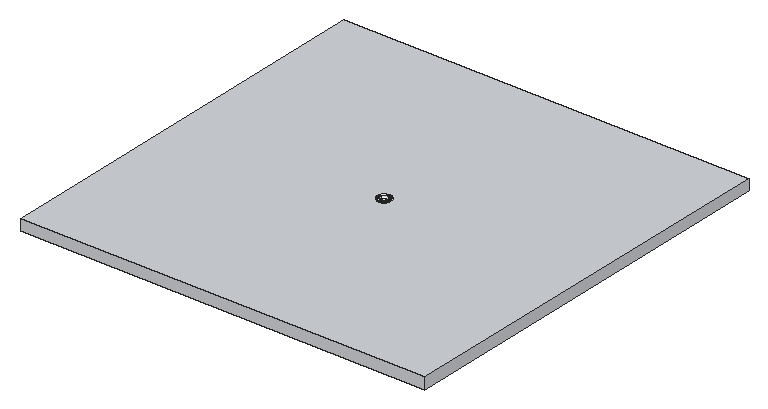
Revit family "Zumtobel MICROS2", category Lighting Fixtures, host Face, Revit 2016
Family settings
  Host = Face
  Part Type = Normal
  Round Connector Dimension = Use Diameter
  OmniClass Number = 23.80.70.11
  OmniClass Title = Luminaries for Internal Lighting
  Cut with Voids When Loaded = No
  Light Source = Yes
  Shared = No
  Room Calculation Point = No
Parameters (values of type "MICROS2 R65")
  Width = Length  # 80.00 mm
  Wattage = 5.72229 W
  built-in parameter 1150110 = 1 (stored number, unit not read)
  Voltage = 230 V  # constant formula
  URL = "http://www.zumtobel.com/60300017"
  Type Comments = "© Zumtobel. We reserve the right to make technical changes without prior notice."  # constant formula
  built-in parameter 1114217 = 1 (stored number, unit not read)
  Tilt Angle = 0.00°
  built-in parameter 1150109 = 1 (stored number, unit not read)
  built-in parameter 1150134 = 12
  built-in parameter 1150113 = 1 (stored number, unit not read)
  R68 = yes
  R100 = no
  Photometric Web File = "60300017_(STD_LEO).IES"
  Opening Radius = 32.00 mm
  Note [instance] = "Angle value ranges between 20° and -20°!"  # constant formula
  Model = "60300017"
  Manufacturer = "Zumtobel Lighting"  # constant formula
  built-in parameter 1150105 = 67.641 (stored number, unit not read)
  Lumens = 850 lm
  built-in parameter 1150115 = 1 (stored number, unit not read)
  built-in parameter 1150137 = (empty or 0)
  built-in parameter 1150139 = (empty or 0)
  Length = 80.00 mm
  built-in parameter 1150112 = 1 (stored number, unit not read)
  built-in parameter 1150114 = 1 (stored number, unit not read)
  Lamp = "LED"
  built-in parameter 1150132 = 2
  built-in parameter 1150102 = (empty or 0)
  built-in parameter 1150107 = 4000 (stored number, unit not read)
  built-in parameter 1150138 = (empty or 0)
  built-in parameter 1150106 = 0.67641 (stored number, unit not read)
  Height = 49.00 mm
  built-in parameter 1150104 = 13.8 (stored number, unit not read)
  Dimming Lamp Color Temperature Shift = <None>
  Description = "LED ceiling-recessed luminaire"  # constant formula
  Color Filter = 16777215
  Body [instance] = ZG_Metal_White
  built-in parameter 1114218 = 1 (stored number, unit not read)
  built-in parameter 1150133 = 10 (stored number, unit not read)
  Apparent Load = 11 VA
  Angle Value [instance] = -Angle  # 0.00°
  Angle [instance] = 0.00°
  Default Elevation = 0.00 mm
  Assembly Code = "D5020200"
Types (2, lengths in mm): name | Width | Wattage | URL | R68 | R100 | Photometric Web File | Opening Radius | Model | built-in parameter 1150105 | Lumens | Length | built-in parameter 1150106 | Height | Apparent Load
  MICROS2 R100 | 112.00 | 8.75174 W | "http://www.zumtobel.com/60300020" | no | yes | "60300020_(STD_LEO).IES" | 50.00 | "60300020" | 3481.4 (stored number, unit not read) | 1300 lm | 112.00 | 34.814 (stored number, unit not read) | 74.00 | 14 VA
  MICROS2 R65 | 80.00 | 5.72229 W | "http://www.zumtobel.com/60300017" | yes | no | "60300017_(STD_LEO).IES" | 32.00 | "60300017" | 67.641 (stored number, unit not read) | 850 lm | 80.00 | 0.67641 (stored number, unit not read) | 49.00 | 11 VA
Reference planes
  plane 1 "Center (Front/Back)": y = 0
  plane 2: z = 0
  plane 3 "Center (Left/Right)": x = 0
  plane 4: z = -16.278
  plane 5 "Clip 1": x = -44.684
  plane 6 "Clip 2": x = 44.684
  plane 7 "Axis 1": y = 44.684
  plane 8 "Axis 2": y = -44.684
Forms (mm)
  Extrusion 1, solid
    sketch origin (0, 0, 0) x (1, 0, 0) y (0, 1, 0)
      loop
        line (-1219.2, 1219.2) -> (-1219.2, -1219.2) -> (1219.2, -1219.2) -> (1219.2, 1219.2) -> (-1219.2, 1219.2)
    from 0 to -66.193
  Extrusion 2, void
    sketch origin (0, 0, 0) x (1, 0, 0) y (0, 1, 0)
      loop
        circle (0, 0) r 32
    from 0 to -100
  Revolve 3, solid, material "ZG_Metal_White" <- "Body", visible <- "R100"
    sketch origin (0, 0, 0) x (1, 0, 0) y (0, 0, 1)
      loop
        line (-55.196, 2.685) -> (-56, 1.881) -> (-54.119, 0) -> (-44.684, 0) -> (-44.684, -10.914) -> (-43.684, -10.914) -> (-43.684, 0) -> (-41.485, 0) -> (-40.386, 2.685) -> (-55.196, 2.685)
      axis (0, 2.685) -> (0, -10.914)
    angle from 0 to 360
  Revolve 4, solid, material "ZG_Metal_White" <- "Body", visible <- "R100"
    sketch origin (0, 0, -16.278) x (0, 0, 1) y (-1, 0, 0)
      loop
        arc (1.211, 26.698) -> (9.594, 33.592) -> (19.478, 38.076) r 41.495
        line (19.478, 38.076) -> (19.478, 39.12)
        arc (19.478, 39.12) -> (12.077, 41.014) -> (4.453, 41.493) r 40.732
        line (4.453, 41.493) -> (-5.364, 31.676) -> (-5.364, 29.802) -> (-57.722, 25.793) -> (-57.722, 0) -> (-12.952, 0) -> (-12.952, 19.982)
        arc (-12.952, 19.982) -> (-6.229, 24.095) -> (1.211, 26.698) r 37.145
      axis (19.478, 0) -> (-57.722, 0)
    angle from 0 to 360
  Extrusion 5, solid, material "ZG_Metal_White" <- "Body", visible <- "R100", detail levels fine
    sketch origin (-44.684, 0, 0) x (0, 0, 1) y (0, -1, 0)
      loop
        line (0, -10) -> (0, 10) -> (-24.142, 10) -> (-24.142, 7.5) -> (-21.642, 7.5) -> (-21.642, -7.5) -> (-24.142, -7.5) -> (-24.142, -10) -> (0, -10)
    from 0 to -2
  Extrusion 6, solid, material "ZG_Metal_White" <- "Body", visible <- "R100", detail levels fine
    sketch origin (44.684, 0, 0) x (0, 0, 1) y (0, 1, 0)
      loop
        line (0, 10) -> (-24.142, 10) -> (-24.142, 7.5) -> (-21.642, 7.5) -> (-21.642, -7.5) -> (-24.142, -7.5) -> (-24.142, -10) -> (0, -10) -> (0, 10)
    from 0 to -2
  Extrusion 7, solid, material "ZG_Metal_White" <- "Body", visible <- "R100", detail levels fine
    sketch origin (0, 44.684, 0) x (0, 0, 1) y (-1, 0, 0)
      loop
        line (0, -15) -> (0, 15) -> (-21.642, 6.011) -> (-21.642, -6.011) -> (0, -15)
    from 0 to -2
  Extrusion 8, solid, material "ZG_Metal_White" <- "Body", visible <- "R100", detail levels fine
    sketch origin (0, -44.684, 0) x (0, 0, 1) y (1, 0, 0)
      loop
        line (0, 15) -> (-21.642, 6.011) -> (-21.642, -6.011) -> (0, -15) -> (0, 15)
    from 0 to -2
  Revolve 9, solid, material "ZG_Metal_White" <- "Body", visible <- "R68"
    sketch origin (0, 0, -16.278) x (0, 0, 1) y (-1, 0, 0)
      loop
        arc (-9.434, 7.5) -> (-2.286, 12.127) -> (5.729, 15.002) r 37.095
        arc (5.729, 15.002) -> (12.021, 19.82) -> (19.478, 22.5) r 25.781
        line (19.478, 22.5) -> (19.478, 23.5)
        arc (19.478, 23.5) -> (12.147, 25.833) -> (4.459, 26.102) r 28.262
        line (4.459, 26.102) -> (1.15, 22.794) -> (1.15, 20.861) -> (-32.722, 18.749) -> (-32.722, 0) -> (-9.434, 0) -> (-9.434, 7.5)
      axis (19.478, 0) -> (-32.722, 0)
    angle from 0 to 360
  Revolve 10, solid, material "ZG_Metal_White" <- "Body", visible <- "R68"
    sketch origin (0, 0, 0) x (1, 0, 0) y (0, 0, 1)
      loop
        line (-39.195, 2.685) -> (-39.999, 1.881) -> (-38.118, 0) -> (-28.683, 0) -> (-28.683, -7.566) -> (-27.683, -7.566) -> (-27.683, 0) -> (-26.11, 0) -> (-25.011, 2.685) -> (-39.195, 2.685)
      axis (0, 2.685) -> (0, -7.566)
    angle from 0 to 360
Lines and regions (mm)
  reference lines
    curve 1: line (0, 0, -16.278) -> (0, 0, 18.722)
Dimensions and locks
  plane 2 to plane 4 = 16.278 mm
  "Opening Radius": radius of Extrusion 2 sketch curve
  "Angle": angle curve 1 to plane 3 "Center (Left/Right)"
  aligned and locked: plane 2 to Extrusion 1
  aligned and locked: level to Extrusion 1
  aligned and locked: plane 1 "Center (Front/Back)" to Extrusion 2 sketch curve
  aligned and locked: plane 3 "Center (Left/Right)" to Extrusion 2 sketch curve
  aligned and locked: plane 3 "Center (Left/Right)" to curve 1
  aligned and locked: plane 4 to curve 1
Automatic sketch dimensions
  Extrusion 1 sketch curve to Extrusion 1 sketch curve = 2438.40 mm  (x2)
  Revolve 3 sketch curve to level = 0.00 mm  (x2)
  Revolve 3 sketch curve to plane 5 "Clip 1" = 0.00 mm
  Revolve 3 sketch curve to plane 3 "Center (Left/Right)" = 0.00 mm
  Revolve 3 sketch curve to plane 5 "Clip 1" = 9.436 mm
  Revolve 3 sketch curve to Revolve 3 sketch curve = 1.077 mm
  level to Revolve 3 sketch curve = 1.881 mm
  Revolve 3 sketch curve to Revolve 3 sketch curve = 0.804 mm
  Revolve 3 sketch curve to Revolve 3 sketch curve = 1.00 mm
  Revolve 3 sketch curve to Revolve 3 sketch curve = 2.199 mm
  Revolve 3 sketch curve to Revolve 3 sketch curve = 1.099 mm
  plane 4 to Revolve 3 sketch curve = 5.364 mm
  level to Revolve 3 sketch curve = 7.685 mm
  Revolve 3 sketch curve to Revolve 3 sketch curve = 15.00 mm
  curve 1 to Revolve 4 sketch curve = 0.00 mm
  Revolve 4 sketch curve to curve 1 = 0.00 mm  (x2)
  Revolve 4 sketch curve to curve 1 = 3.467 mm
  Revolve 4 sketch curve to curve 1 = 15.522 mm
  curve 1 to Revolve 4 sketch curve = 9.686 mm
  Revolve 4 sketch curve to curve 1 = 0.781 mm
  curve 1 to Revolve 4 sketch curve = 5.724 mm
  curve 1 to Revolve 4 sketch curve = 4.453 mm
  Revolve 4 sketch curve to curve 1 = 5.364 mm
  Revolve 4 sketch curve to curve 1 = 12.952 mm
  Revolve 4 sketch curve to Revolve 4 sketch curve = 44.77 mm
  curve 1 to Revolve 4 sketch curve = 1.629 mm
  curve 1 to Revolve 4 sketch curve = 9.467 mm
  curve 1 to Revolve 4 sketch curve = 19.982 mm
  Revolve 4 sketch curve to Revolve 4 sketch curve = 25.793 mm
  curve 1 to Revolve 4 sketch curve = 29.802 mm
  Revolve 4 sketch curve to Revolve 4 sketch curve = 1.874 mm
  curve 1 to Revolve 4 sketch curve = 38.076 mm
  Revolve 4 sketch curve to Revolve 4 sketch curve = 1.044 mm
  Revolve 4 sketch curve to Revolve 4 sketch curve = 14.478 mm
  Extrusion 5 sketch curve to level = 0.00 mm
  Extrusion 5 sketch curve to plane 4 = 5.364 mm
  Extrusion 5 sketch curve to Extrusion 5 sketch curve = 2.50 mm  (x4)
  Extrusion 5 sketch curve to plane 1 "Center (Front/Back)" = 10.00 mm
  plane 1 "Center (Front/Back)" to Extrusion 5 sketch curve = 7.50 mm
  Extrusion 6 sketch curve to level = 0.00 mm
  plane 4 to Extrusion 6 sketch curve = 5.364 mm
  Extrusion 6 sketch curve to Extrusion 6 sketch curve = 2.50 mm  (x4)
  plane 1 "Center (Front/Back)" to Extrusion 6 sketch curve = 10.00 mm
  Extrusion 6 sketch curve to plane 1 "Center (Front/Back)" = 7.50 mm
  Extrusion 7 sketch curve to level = 0.00 mm
  Extrusion 7 sketch curve to plane 4 = 5.364 mm
  plane 3 "Center (Left/Right)" to Extrusion 7 sketch curve = 15.00 mm
  plane 3 "Center (Left/Right)" to Extrusion 7 sketch curve = 6.011 mm
  Extrusion 7 sketch curve to plane 3 "Center (Left/Right)" = 6.011 mm
  Extrusion 7 sketch curve to plane 3 "Center (Left/Right)" = 15.00 mm
  Extrusion 8 sketch curve to level = 0.00 mm
  plane 4 to Extrusion 8 sketch curve = 5.364 mm
  Extrusion 8 sketch curve to plane 3 "Center (Left/Right)" = 15.00 mm
  Extrusion 8 sketch curve to plane 3 "Center (Left/Right)" = 6.011 mm
  plane 3 "Center (Left/Right)" to Extrusion 8 sketch curve = 6.011 mm
  plane 3 "Center (Left/Right)" to Extrusion 8 sketch curve = 15.00 mm
  Revolve 9 sketch curve to curve 1 = 0.00 mm  (x3)
  Revolve 9 sketch curve to curve 1 = 10.636 mm
  Revolve 9 sketch curve to curve 1 = 15.522 mm
  curve 1 to Revolve 9 sketch curve = 14.164 mm
  curve 1 to Revolve 9 sketch curve = 7.322 mm
  curve 1 to Revolve 9 sketch curve = 4.459 mm
  curve 1 to Revolve 9 sketch curve = 1.15 mm
  Revolve 9 sketch curve to curve 1 = 9.434 mm
  Revolve 9 sketch curve to Revolve 9 sketch curve = 23.288 mm
  Revolve 9 sketch curve to curve 1 = 2.014 mm
  Revolve 9 sketch curve to curve 1 = 2.814 mm
  Revolve 9 sketch curve to curve 1 = 21.121 mm
  Revolve 9 sketch curve to Revolve 9 sketch curve = 7.50 mm
  Revolve 9 sketch curve to Revolve 9 sketch curve = 18.749 mm
  curve 1 to Revolve 9 sketch curve = 20.861 mm
  Revolve 9 sketch curve to Revolve 9 sketch curve = 1.639 mm
  curve 1 to Revolve 9 sketch curve = 22.794 mm
  Revolve 9 sketch curve to Revolve 9 sketch curve = 1.00 mm
  Revolve 9 sketch curve to Revolve 9 sketch curve = 14.478 mm
  Revolve 10 sketch curve to level = 0.00 mm  (x2)
  level to Revolve 10 sketch curve = 1.881 mm
  plane 6 "Clip 2" to Revolve 10 sketch curve = 84.683 mm
  level to Revolve 10 sketch curve = 2.685 mm
  Revolve 10 sketch curve to Revolve 10 sketch curve = 0.804 mm
  Revolve 10 sketch curve to Revolve 10 sketch curve = 9.436 mm
  Revolve 10 sketch curve to Revolve 10 sketch curve = 1.00 mm
  Revolve 10 sketch curve to Revolve 10 sketch curve = 1.573 mm
  Revolve 10 sketch curve to Revolve 10 sketch curve = 1.099 mm
  Revolve 10 sketch curve to level = 7.566 mm
  Revolve 10 sketch curve to Revolve 10 sketch curve = 25.011 mm
  level to Revolve 10 sketch curve = 7.685 mm
  Revolve 10 sketch curve to Revolve 10 sketch curve = 15.00 mm
